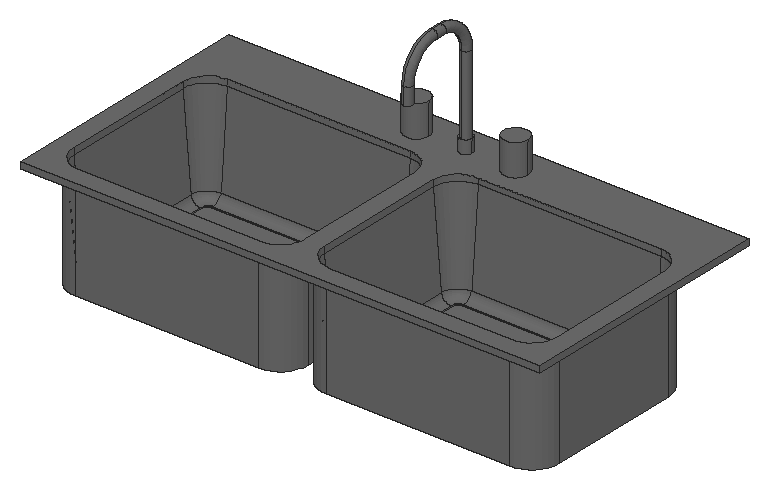
Revit family
Parameters (values of type "42" x 21"")
  Assembly Code = "D2010410"
  Counter Height = 3' - 0"
  Depth = 1' - 9"
  Faucet Material = Metal - Steel, Polished
  Sink Material = Metal - Steel, Polished
  Width = 3' - 6"
Reference planes (in)
  plane 1 "Center (Front/Back)": y = -1.40766
  plane 2: z = 0
  plane 3 "Center (Left/Right)": x = 0.61769
  plane 4: y = 10.59234
  plane 5: y = -10.40766
  plane 6: x = -20.38231
  plane 7: x = 21.61769
  plane 8 "Top Of Counter": z = 36
  plane 9: z = 36.5
  plane 10: z = 27.5
  plane 11: y = 6.09234
  plane 12: x = -18.88231
  plane 13: y = -8.90766
  plane 14: x = 20.11769
  plane 15: x = -3.38231
  plane 16: x = 4.61769
  plane 17: y = 8.34234
  plane 18: y = 8.34234
  plane 19: y = 8.34234
  plane 20: z = 46.375
  plane 21: y = 2.46734
  plane 22: z = 39
  plane 23: z = 37.5
  plane 24: x = -0.13231
  plane 25: x = 1.36769
  plane 26: x = -9.13231
  plane 27: x = 10.36769
  plane 28: z = 27.875
Forms (in)
  Extrusion 1, solid, material "Metal - Steel, Polished" <- "Sink Material"
    sketch origin (0, 0, 0) x (1, 0, 0) y (0, 1, 0)
      loop
        line (-20.38231, 10.59234) -> (-20.38231, -10.40766) -> (21.61769, -10.40766) -> (21.61769, 10.59234) -> (-20.38231, 10.59234)
      loop
        arc (-16.88231, 6.09234) -> (-18.29653, 5.50655) -> (-18.88231, 4.09234) r 2
        line (-18.88231, 4.09234) -> (-18.88231, -6.90766)
        arc (-18.88231, -6.90766) -> (-18.29653, -8.32187) -> (-16.88231, -8.90766) r 2
        line (-16.88231, -8.90766) -> (-2.13231, -8.90766)
        arc (-2.13231, -8.90766) -> (-0.7181, -8.32187) -> (-0.13231, -6.90766) r 2
        line (-0.13231, -6.90766) -> (-0.13231, 4.09234)
        arc (-0.13231, 4.09234) -> (-0.7181, 5.50655) -> (-2.13231, 6.09234) r 2
        line (-2.13231, 6.09234) -> (-16.88231, 6.09234)
      loop
        arc (18.11769, -8.90766) -> (19.5319, -8.32187) -> (20.11769, -6.90766) r 2
        line (20.11769, -6.90766) -> (20.11769, 4.09234)
        arc (20.11769, 4.09234) -> (19.5319, 5.50655) -> (18.11769, 6.09234) r 2
        line (18.11769, 6.09234) -> (3.36769, 6.09234)
        arc (3.36769, 6.09234) -> (1.95347, 5.50655) -> (1.36769, 4.09234) r 2
        line (1.36769, 4.09234) -> (1.36769, -6.90766)
        arc (1.36769, -6.90766) -> (1.95347, -8.32187) -> (3.36769, -8.90766) r 2
        line (3.36769, -8.90766) -> (18.11769, -8.90766)
    from 36 to 36.5
  Sweep 2, solid, material "Metal - Steel, Polished" <- "Sink Material"
    path origin (0, 0, 0) x (1, 0, 0) y (0, 1, 0)
      loop
        arc (-16.88231, 6.09234) -> (-18.29653, 5.50655) -> (-18.88231, 4.09234) r 2
        line (-18.88231, 4.09234) -> (-18.88231, -6.90766)
        arc (-18.88231, -6.90766) -> (-18.29653, -8.32187) -> (-16.88231, -8.90766) r 2
        line (-16.88231, -8.90766) -> (-2.13231, -8.90766)
        arc (-2.13231, -8.90766) -> (-0.7181, -8.32187) -> (-0.13231, -6.90766) r 2
        line (-0.13231, -6.90766) -> (-0.13231, 4.09234)
        arc (-0.13231, 4.09234) -> (-0.7181, 5.50655) -> (-2.13231, 6.09234) r 2
        line (-2.13231, 6.09234) -> (-16.88231, 6.09234)
    profile origin (-9.50731, 0, 0) x (0, 1, 0) y (0, 0, 1)
      loop
        line (6.09234, 36) -> (5.44139, 28.55963)
        arc (5.44139, 28.55963) -> (5.20094, 28.07204) -> (4.69424, 27.875) r 0.75
        line (4.69424, 27.875) -> (4.59234, 27.875) -> (4.59234, 27.5) -> (6.34234, 27.5) -> (6.34234, 36) -> (6.09234, 36)
  Extrusion 3, solid, material "Metal - Steel, Polished" <- "Sink Material"
    sketch origin (0, 0, 0) x (1, 0, 0) y (0, 1, 0)
      loop
        arc (-16.88231, 4.59234) -> (-17.23587, 4.44589) -> (-17.38231, 4.09234) r 0.5
        line (-17.38231, 4.09234) -> (-17.38231, -6.90766)
        arc (-17.38231, -6.90766) -> (-17.23587, -7.26121) -> (-16.88231, -7.40766) r 0.5
        line (-16.88231, -7.40766) -> (-2.13231, -7.40766)
        arc (-2.13231, -7.40766) -> (-1.77876, -7.26121) -> (-1.63231, -6.90766) r 0.5
        line (-1.63231, -6.90766) -> (-1.63231, 4.09234)
        arc (-1.63231, 4.09234) -> (-1.77876, 4.44589) -> (-2.13231, 4.59234) r 0.5
        line (-2.13231, 4.59234) -> (-16.88231, 4.59234)
      loop
        circle (-9.13231, -1.40766) r 1
    from 27.5 to 27.875
  Extrusion 4, solid, material "Metal - Steel, Polished" <- "Faucet Material"
    sketch origin (0, 0, 0) x (1, 0, 0) y (0, 1, 0)
      loop
        circle (-3.38231, 8.34234) r 1
      loop
        circle (4.61769, 8.34234) r 1
    from 36.5 to 39
  Sweep 5, solid, material "Metal - Steel, Polished" <- "Faucet Material"
    path origin (0.61769, 0, 0) x (0, 1, 0) y (0, 0, 1)
      loop
        line (8.34234, 36.5) -> (8.34234, 43.875)
        arc (8.34234, 43.875) -> (7.61011, 45.64277) -> (5.84234, 46.375) r 2.5
        line (5.84234, 46.375) -> (4.96734, 46.375)
        arc (4.96734, 46.375) -> (3.19957, 45.64277) -> (2.46734, 43.875) r 2.5
        line (2.46734, 43.875) -> (2.46734, 42.5)
    profile origin (0.61769, 0, 40.1875) x (0, -1, 0) y (1, 0, 0)
      loop
        circle (-8.34234, 0) r 0.375
  Extrusion 6, solid, material "Metal - Steel, Polished" <- "Faucet Material"
    sketch origin (0, 0, 0) x (1, 0, 0) y (0, 1, 0)
      loop
        circle (0.61769, 8.34234) r 0.5
    from 36.5 to 37.5
  Sweep 7, solid, material "Metal - Steel, Polished" <- "Sink Material"
    path origin (1.23537, 0, 0) x (-1, 0, 0) y (0, -1, 0)
      loop
        line (-16.88231, -6.09234) -> (-2.13231, -6.09234)
        arc (-2.13231, -6.09234) -> (-0.7181, -5.50655) -> (-0.13231, -4.09234) r 2
        line (-0.13231, -4.09234) -> (-0.13231, 6.90766)
        arc (-0.13231, 6.90766) -> (-0.7181, 8.32187) -> (-2.13231, 8.90766) r 2
        line (-2.13231, 8.90766) -> (-16.88231, 8.90766)
        arc (-16.88231, 8.90766) -> (-18.29653, 8.32187) -> (-18.88231, 6.90766) r 2
        line (-18.88231, 6.90766) -> (-18.88231, -4.09234)
        arc (-18.88231, -4.09234) -> (-18.29653, -5.50655) -> (-16.88231, -6.09234) r 2
    profile origin (10.74269, 0, 0) x (0, -1, 0) y (0, 0, 1)
      loop
        line (-6.09234, 36) -> (-6.34234, 36) -> (-6.34234, 27.5) -> (-4.59234, 27.5) -> (-4.59234, 27.875) -> (-4.69424, 27.875)
        arc (-4.69424, 27.875) -> (-5.20094, 28.07204) -> (-5.44139, 28.55963) r 0.75
        line (-5.44139, 28.55963) -> (-6.09234, 36)
  Extrusion 8, solid, material "Metal - Steel, Polished" <- "Sink Material"
    sketch origin (0, 0, 0) x (1, 0, 0) y (0, 1, 0)
      loop
        arc (3.36769, 4.69424) -> (3.01413, 4.5478) -> (2.86769, 4.19424) r 0.5
        line (2.86769, 4.19424) -> (2.86769, -6.90766)
        arc (2.86769, -6.90766) -> (3.01413, -7.26121) -> (3.36769, -7.40766) r 0.5
        line (3.36769, -7.40766) -> (18.11769, -7.40766)
        arc (18.11769, -7.40766) -> (18.47124, -7.26121) -> (18.61769, -6.90766) r 0.5
        line (18.61769, -6.90766) -> (18.61769, 4.19424)
        arc (18.61769, 4.19424) -> (18.47124, 4.5478) -> (18.11769, 4.69424) r 0.5
        line (18.11769, 4.69424) -> (3.36769, 4.69424)
      loop
        circle (10.36769, -1.40766) r 1
    from 27.5 to 27.875
Cuts and joins
  joined: Extrusion 1, Sweep 2, Sweep 7
  joined: Sweep 5, Extrusion 6
Lines and regions (in)
  Masking region 1
    outline origin (0, 0, 36) x (0, -1, 0) y (1, 0, 0)
      loop
        line (-10.59234, -20.38231) -> (10.40766, -20.38231) -> (10.40766, 21.61769) -> (-10.59234, 21.61769) -> (-10.59234, -20.38231)
  symbolic lines
    curve 1: line (-18.88231, 4.09234, 36) -> (-18.88231, -6.90766, 36)
    curve 2: line (-16.88231, -8.90766, 36) -> (-2.13231, -8.90766, 36)
    curve 3: line (20.11769, -6.90766, 36) -> (20.11769, 4.09234, 36)
    curve 4: line (18.11769, 6.09234, 36) -> (3.36769, 6.09234, 36)
    curve 5: arc (20.11769, 4.09234, 36) -> (19.5319, 5.50655, 36) -> (18.11769, 6.09234, 36) r 2
    curve 6: arc (18.11769, -8.90766, 36) -> (19.5319, -8.32187, 36) -> (20.11769, -6.90766, 36) r 2
    curve 7: arc (-18.88231, -6.90766, 36) -> (-18.29653, -8.32187, 36) -> (-16.88231, -8.90766, 36) r 2
    curve 8: arc (-16.88231, 6.09234, 36) -> (-18.29653, 5.50655, 36) -> (-18.88231, 4.09234, 36) r 2
    curve 9: arc (1.11769, 8.34234, 36) -> (0.61769, 8.84234, 36) -> (0.11769, 8.34234, 36) r 0.5
    curve 10: line (0.11769, 8.34234, 36) -> (0.11769, 0.59234, 36)
    curve 11: line (1.11769, 8.34234, 36) -> (1.11769, 0.59234, 36)
    curve 12: arc (1.11769, 0.59234, 36) -> (0.61769, 0.09234, 36) -> (0.11769, 0.59234, 36) r 0.5
    curve 13: line (-0.13231, 4.09234, 36) -> (-0.13231, -6.90766, 36)
    curve 14: line (1.36769, 4.09234, 36) -> (1.36769, -6.90766, 36)
    curve 15: line (3.36769, -8.90766, 36) -> (18.11769, -8.90766, 36)
    curve 16: line (-2.13231, 6.09234, 36) -> (-16.88231, 6.09234, 36)
    curve 17: arc (3.36769, 6.09234, 36) -> (1.95347, 5.50655, 36) -> (1.36769, 4.09234, 36) r 2
    curve 18: arc (1.36769, -6.90766, 36) -> (1.95347, -8.32187, 36) -> (3.36769, -8.90766, 36) r 2
    curve 19: arc (-0.13231, -6.90766, 36) -> (-0.7181, -8.32187, 36) -> (-2.13231, -8.90766, 36) r 2
    curve 20: arc (-0.13231, 4.09234, 36) -> (-0.7181, 5.50655, 36) -> (-2.13231, 6.09234, 36) r 2
    curve 21: arc (-10.13231, -1.40766, 36) -> (-9.13231, -0.40766, 36) -> (-8.13231, -1.40766, 36) r 1
    curve 22: arc (-8.13231, -1.40766, 36) -> (-9.13231, -2.40766, 36) -> (-10.13231, -1.40766, 36) r 1
    curve 23: arc (9.36769, -1.40766, 36) -> (10.36769, -0.40766, 36) -> (11.36769, -1.40766, 36) r 1
    curve 24: arc (11.36769, -1.40766, 36) -> (10.36769, -2.40766, 36) -> (9.36769, -1.40766, 36) r 1
    curve 25: arc (-4.38231, 8.34234, 36) -> (-3.38231, 7.34234, 36) -> (-2.38231, 8.34234, 36) r 1
    curve 26: arc (-2.38231, 8.34234, 36) -> (-3.38231, 9.34234, 36) -> (-4.38231, 8.34234, 36) r 1
    curve 27: arc (3.61769, 8.34234, 36) -> (4.61769, 7.34234, 36) -> (5.61769, 8.34234, 36) r 1
    curve 28: arc (5.61769, 8.34234, 36) -> (4.61769, 9.34234, 36) -> (3.61769, 8.34234, 36) r 1
Dimensions and locks (in)
  equal spacing: plane 6, plane 3 "Center (Left/Right)", plane 7
  "Width": plane 6 to plane 7
  "Depth": plane 5 to plane 4
  "Counter Height": plane 8 "Top Of Counter" to plane 2
  locked: plane 9 to plane 8 "Top Of Counter" at 0.5
  locked: plane 8 "Top Of Counter" to plane 10 at 8.5
  locked: plane 6 to plane 12 at 1.5
  locked: plane 14 to plane 7 at 1.5
  locked: plane 11 to plane 4 at 4.5
  locked: plane 5 to plane 13 at 1.5
  equal spacing: plane 11, plane 17, plane 4
  equal spacing: plane 11, plane 18, plane 4
  equal spacing: plane 4, plane 19, plane 11
  locked: plane 19 to plane 21 at 5.875
  locked: plane 20 to plane 9 at 9.875
  locked: plane 22 to plane 9 at 2.5
  locked: plane 23 to plane 9 at 1
  plane 24 to plane 3 "Center (Left/Right)" to plane 25 = 0' - 0 3/4" locked, 0' - 0 3/4" locked
  equal spacing: plane 12, plane 26, plane 3 "Center (Left/Right)"
  equal spacing: plane 3 "Center (Left/Right)", plane 27, plane 14
  equal spacing: plane 13, plane 1 "Center (Front/Back)", plane 11
  locked: plane 15 to plane 3 "Center (Left/Right)" at 4
  locked: plane 3 "Center (Left/Right)" to plane 16 at 4
  locked: plane 28 to plane 10 at 0.375
  aligned and locked: Extrusion 1 sketch curve to plane 5
  aligned and locked: plane 7 to Extrusion 1 sketch curve
  aligned and locked: plane 4 to Extrusion 1 sketch curve
  aligned and locked: Extrusion 1 sketch curve to plane 6
  aligned and locked: plane 8 "Top Of Counter" to Extrusion 1
  aligned and locked: Extrusion 1 to plane 9
  aligned and locked: plane 11 to Extrusion 1 sketch curve
  aligned and locked: plane 14 to Extrusion 1 sketch curve
  aligned and locked: Extrusion 1 sketch curve to plane 12
  aligned and locked: Extrusion 1 sketch curve to plane 13
  aligned and locked: plane 11 to Sweep 2 sketch curve
  aligned and locked: Sweep 2 sketch curve to plane 12
  aligned and locked: Sweep 2 sketch curve to plane 13
  aligned and locked: Sweep 2 to Extrusion 3 sketch curve  (x4)
  aligned and locked: plane 10 to Extrusion 3
  aligned and locked: Sweep 2 sketch curve to plane 10
  aligned and locked: plane 8 "Top Of Counter" to Sweep 2 sketch curve
  aligned and locked: Extrusion 4 to Extrusion 1
  aligned and locked: Extrusion 6 to Extrusion 1
  aligned and locked: Sweep 5 sketch curve to plane 19
  aligned and locked: plane 20 to Sweep 5 sketch curve
  aligned and locked: plane 21 to Sweep 5 sketch curve
  aligned and locked: Extrusion 4 to plane 22
  aligned and locked: Extrusion 6 to plane 23
  aligned and locked: Sweep 2 sketch curve to Extrusion 1
  aligned and locked: Sweep 7 sketch curve to plane 14
  aligned and locked: Sweep 7 sketch curve to Extrusion 1
  aligned and locked: Sweep 7 sketch curve to plane 11
  aligned and locked: plane 13 to Sweep 7 sketch curve
  aligned and locked: plane 10 to Extrusion 8
  aligned and locked: curve 21 to Extrusion 3
  aligned and locked: curve 23 to Extrusion 8
  aligned and locked: Extrusion 8 sketch curve to Sweep 7
  aligned and locked: Sweep 7 sketch curve to plane 8 "Top Of Counter"
  aligned and locked: plane 10 to Sweep 7 sketch curve
  aligned and locked: plane 4 to Masking region 1 sketch curve
  aligned and locked: plane 7 to Masking region 1 sketch curve
  aligned and locked: Masking region 1 sketch curve to plane 5
  aligned and locked: Masking region 1 sketch curve to plane 6
  aligned and locked: plane 15 to Extrusion 4 sketch curve
  aligned and locked: plane 17 to Extrusion 4 sketch curve  (x2)
  aligned and locked: plane 16 to Extrusion 4 sketch curve
  aligned and locked: curve 25 to Extrusion 4
  aligned and locked: curve 27 to Extrusion 4
  aligned and locked: Extrusion 3 to plane 28
  aligned and locked: Extrusion 8 to plane 28
Automatic sketch dimensions
  Sweep 2 sketch curve to profile plane = 0' - 0"
  profile plane to Sweep 2 sketch curve = 0' - 0.65095"
  Sweep 2 sketch curve to Sweep 2 sketch curve = 0' - 0.74715"
  Sweep 2 sketch curve to Sweep 2 sketch curve = 0' - 0.10191"
  Sweep 2 sketch curve to profile plane = 0' - 0 1/4"
  Sweep 2 sketch curve to Sweep 2 sketch curve = 0' - 0 3/8"
  Sweep 2 sketch curve to Sweep 2 sketch curve = 0' - 0.68463"
  plane 15 to Extrusion 4 sketch curve = 0' - 1"
  plane 16 to Extrusion 4 sketch curve = 0' - 1"
  Sweep 5 sketch curve to plane 3 "Center (Left/Right)" = 0' - 0"
  Sweep 5 sketch curve to profile plane = 0' - 0"
  profile plane to Sweep 5 sketch curve = 0' - 0 3/8"
  Extrusion 6 sketch curve to plane 18 = 0' - 0"
  Extrusion 6 sketch curve to plane 3 "Center (Left/Right)" = 0' - 0"
  Extrusion 6 sketch curve to plane 3 "Center (Left/Right)" = 0' - 0 1/2"
  Sweep 5 sketch curve to plane 9 = 0' - 0"
  Sweep 5 sketch curve to Sweep 5 sketch curve = 0' - 2 1/2"
  plane 11 to Sweep 5 sketch curve = 0' - 0 1/4"
  Sweep 5 sketch curve to Sweep 5 sketch curve = 0' - 1 3/8"
  Extrusion 1 sketch curve to plane 13 = 0' - 0"
  Extrusion 1 sketch curve to plane 24 = 0' - 0"
  Extrusion 1 sketch curve to plane 25 = 0' - 0"
  Extrusion 1 sketch curve to plane 11 = 0' - 0"
  Extrusion 1 sketch curve to plane 12 = 0' - 2"  (x2)
  Extrusion 1 sketch curve to plane 3 "Center (Left/Right)" = 0' - 2 3/4"  (x2)
  plane 3 "Center (Left/Right)" to Extrusion 1 sketch curve = 0' - 2 3/4"  (x2)
  plane 14 to Extrusion 1 sketch curve = 0' - 2"
  Extrusion 1 sketch curve to Extrusion 1 sketch curve = 0' - 2"
  Sweep 2 sketch curve to plane 12 = 0' - 2"  (x2)
  Sweep 2 sketch curve to plane 3 "Center (Left/Right)" = 0' - 2 3/4"  (x2)
  plane 14 to Sweep 7 sketch curve = 0' - 2"  (x2)
  Sweep 7 sketch curve to Sweep 7 sketch curve = 0' - 2"
  plane 3 "Center (Left/Right)" to Sweep 7 sketch curve = 0' - 2 3/4"
  Extrusion 3 sketch curve to plane 1 "Center (Front/Back)" = 0' - 0"
  Extrusion 3 sketch curve to plane 26 = 0' - 0"
  Extrusion 3 sketch curve to Extrusion 3 sketch curve = 0' - 0 1/2"  (x4)
  plane 26 to Extrusion 3 sketch curve = 0' - 1"
  Extrusion 8 sketch curve to plane 1 "Center (Front/Back)" = 0' - 0"
  Extrusion 8 sketch curve to plane 27 = 0' - 0"
  plane 27 to Extrusion 8 sketch curve = 0' - 1"
  plane 3 "Center (Left/Right)" to Extrusion 8 sketch curve = 0' - 2 3/4"  (x2)
  Extrusion 8 sketch curve to Extrusion 8 sketch curve = 0' - 0 1/2"  (x2)
  plane 11 to Extrusion 8 sketch curve = 0' - 1.89809"
  Extrusion 8 sketch curve to plane 13 = 0' - 2"
  plane 7 to Extrusion 8 sketch curve = 0' - 3 1/2"
  Sweep 7 sketch curve to profile plane = 0' - 0"
  profile plane to Sweep 7 sketch curve = 0' - 0 1/4"
  Sweep 7 sketch curve to profile plane = 0' - 0.65095"
  Sweep 7 sketch curve to Sweep 7 sketch curve = 0' - 0.74715"
  Sweep 7 sketch curve to Sweep 7 sketch curve = 0' - 0.10191"
  Sweep 7 sketch curve to Sweep 7 sketch curve = 0' - 0.06537"
  Sweep 7 sketch curve to Sweep 7 sketch curve = 0' - 1.05963"
  curve 20 to plane 11 = 0' - 0"
  curve 17 to plane 11 = 0' - 0"
  curve 5 to plane 14 = 0' - 0"
  curve 1 to plane 12 = 0' - 0"
  curve 12 to plane 3 "Center (Left/Right)" = 0' - 0"
  curve 7 to plane 13 = 0' - 0"
  curve 18 to plane 13 = 0' - 0"
  plane 4 to curve 11 = 0' - 2 1/4"
  plane 11 to curve 5 = 0' - 2"
  plane 11 to curve 8 = 0' - 2"
  curve 13 to plane 3 "Center (Left/Right)" = 0' - 0 3/4"
  curve 14 to curve 13 = 0' - 0"
  curve 11 to plane 1 "Center (Front/Back)" = 0' - 2"
  plane 3 "Center (Left/Right)" to curve 14 = 0' - 0 3/4"
  curve 14 to plane 13 = 0' - 2"
  curve 13 to curve 14 = 0' - 0"
  curve 1 to plane 13 = 0' - 2"
  curve 6 to plane 13 = 0' - 2"
  curve 9 to plane 3 "Center (Left/Right)" = 0' - 0 1/2"
  curve 4 to curve 27 = 0' - 0 1/4"
